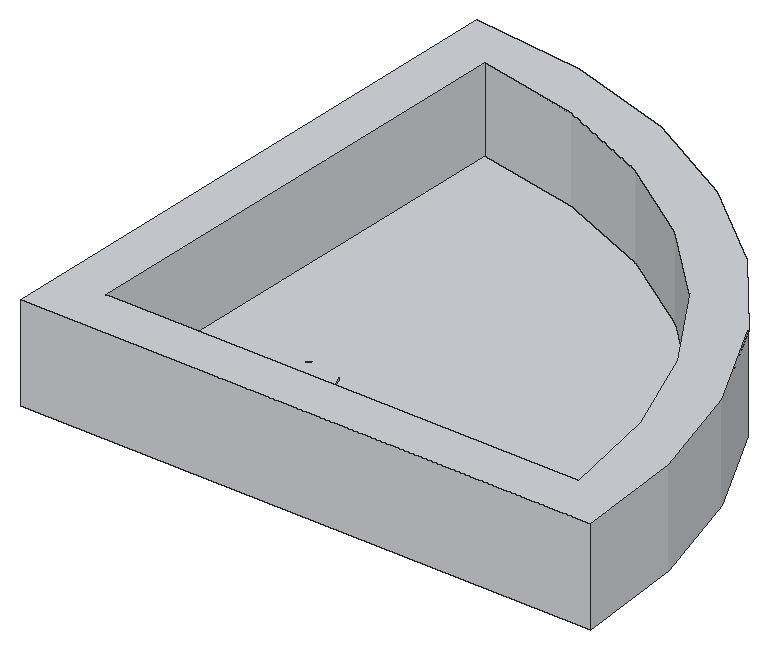
Revit family "M_Pia - Piso do canto", category Peças hidrossanitárias, Revit 2019
Family settings
  Cota do conector redondo = Usar raio
  Tipo de parte = Normal
  Número OmniClass = 23.45.05.14.14
  Título OmniClass = Sinks/Lavatories
  ID de item do Seek = Sink - Corner Floor-0000-CAN-ENU
  Com base no plano de trabalho = Não
  Sempre na vertical = Sim
  Corte com vazios quando carregada = Não
  Compartilhado = Não
  Ponto de cálculo do ambiente = Não
Parameters (values of type "610 mm")
  WFU = 2
  Raio da pia = 610 mm
  Material da pia = none
  Profundidade da pia = 89 mm
  Raio do sanitário = 20 mm
  Diâmetro do sanitário = 2 * Raio do sanitário  # 40 mm
  Raio 1 = Raio da pia - Largura da aresta  # 559 mm
  HWFU = 0
  Largura da aresta = 51 mm
  CWFU = 0
Reference planes
  plane 1 "Centro (Frente/Trás)": y = 0
  plane 2: z = 0
  plane 3 "Centro (Esquerda/Direita)": x = 0
  plane 4: y = 610
  plane 5: x = 610
  plane 6: z = 12.7
  plane 7: z = 101.7
  plane 8: x = 51
  plane 9: y = 51
  plane 10: y = 171.45
  plane 11: x = 171.45
Forms (mm)
  Extrusion 1, solid, material <- "Material da pia"
    sketch origin (0, 0, 0) x (1, 0, 0) y (0, 1, 0)
      loop
        line (0, 610) -> (0, 0) -> (610, 0)
        arc (610, 0) -> (431.335, 431.335) -> (0, 610) r 610
    from 0 to 101.7
  Extrusion 2, void
    sketch origin (0, 0, 0) x (1, 0, 0) y (0, 1, 0)
      loop
        line (51, 556.669) -> (51, 51) -> (556.669, 51)
        arc (556.669, 51) -> (395.273, 395.273) -> (51, 556.669) r 559
    from 12.7 to 101.7
  Extrusion 3, solid, material <- "Material da pia"
    sketch origin (0, 0, 0) x (1, 0, 0) y (0, 1, 0)
      loop
        circle (171.45, 171.45) r 25.4
    from 0 to 12.7
Cuts and joins
  Extrusion 2 cuts Extrusion 1
Dimensions and locks
  "Raio da pia": plane 4 to plane 1 "Centro (Frente/Trás)"
  "Raio da pia": plane 3 "Centro (Esquerda/Direita)" to plane 5
  locked: plane 6 to plane 2 at 12.7
  "Profundidade da pia": plane 7 to plane 6
  "Largura da aresta": plane 3 "Centro (Esquerda/Direita)" to plane 8
  "Largura da aresta": plane 9 to plane 1 "Centro (Frente/Trás)"
  locked: plane 10 to plane 1 "Centro (Frente/Trás)" at 171.45
  locked: plane 3 "Centro (Esquerda/Direita)" to plane 11 at 171.45
  "Raio da pia": radius of Extrusion 1 sketch curve
  "Raio 1": radius of Extrusion 2 sketch curve
  radius of Extrusion 3 sketch curve = 25.4 mm
  aligned and locked: Extrusion 1 sketch curve to plane 3 "Centro (Esquerda/Direita)"
  aligned and locked: plane 1 "Centro (Frente/Trás)" to Extrusion 1 sketch curve
  aligned and locked: plane 4 to Extrusion 1 sketch curve
  aligned and locked: plane 5 to Extrusion 1 sketch curve
  aligned and locked: Extrusion 1 to plane 2
  aligned and locked: plane 7 to Extrusion 1
  aligned and locked: Extrusion 2 sketch curve to plane 9
  aligned and locked: Extrusion 2 sketch curve to plane 8
  aligned and locked: Extrusion 1 to Extrusion 2 sketch curve
  aligned and locked: plane 3 "Centro (Esquerda/Direita)" to Extrusion 2 sketch curve
  aligned and locked: Extrusion 2 to plane 6
  aligned and locked: plane 7 to Extrusion 2
  aligned and locked: plane 10 to Extrusion 3 sketch curve
  aligned and locked: plane 11 to Extrusion 3 sketch curve
  aligned and locked: Extrusion 3 to plane 2
  aligned and locked: plane 6 to Extrusion 3
Connectors
  piping at (171.45, 171.45, 0), diameter 40, driven by "WFU", driven by "Raio do sanitário"
    settings: on Extrusion 3, index 1, connector inside diameter 40 mm, connector length 0 mm, flow factor 0, pipe flow 0.0 L/s, pressure drop 0.0 Pa, fitting loss kfactor 0, connector angle 0.00°, fixture units 2, engagement length 0 mm, angle of deflection 0.00°, flow configuration 3, flow direction 2, fitting loss method 0, system type 16, joint type 0, gender type 0, connector reference index -1, connector utility 0, adjustable connector no, is connector primary yes, connector description "Saída"
